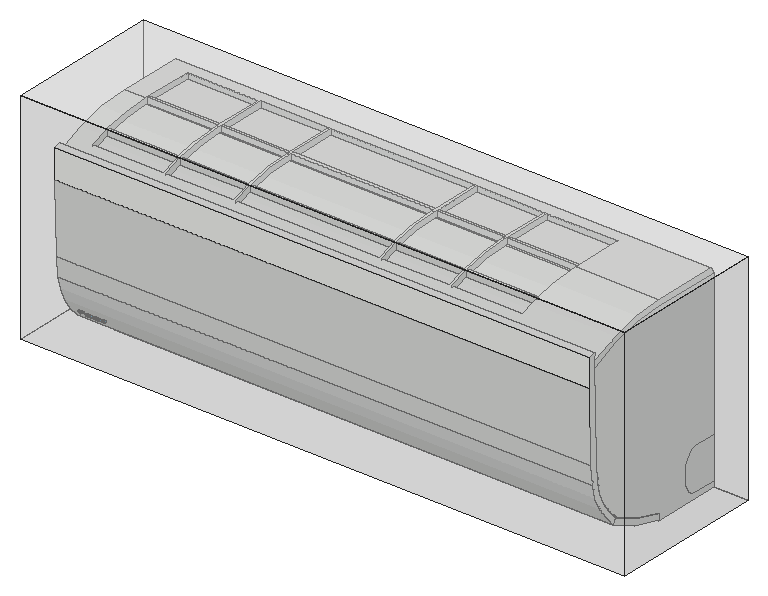
Revit family "outputfile", category 機械設備, Revit 2024
Family settings
  丸型コネクタ寸法 = 半径を使用
  パーツ タイプ = 標準
  OmniClass 番号 = 23.75.10.24.21.27.27
  OmniClass タイトル = Split System Air Conditioning Units
  作業面ベース = いいえ
  常に垂直 = はい
  ロード時にボイドで切り取り = いいえ
  注釈の向きを維持 = いいえ
  共有 = いいえ
  部屋計算ポイント = いいえ
Parameters (values of type "FTXF25W2VMA")
  Description = ""
  書き出し IFC クラス(タイプ) = "IfcUnitaryEquipmentType"
  定義済み IFC タイプ(タイプ) = "AIRCONDITIONINGUNIT"
  Cost = 0
  Type Comments = ""
  Keynote = ""
  Type Image = (empty or 0)
  Assembly Code = ""
  w_wall hole = if(Width = 770.0 mm, 48.0 mm, 60.0 mm)  # 48.0 mm
  製造元 = "Daikin"
  モデル = "FTXF25W2VMA"
  switch_frequency = yes
  r_Liquid Pipe Size = Liquid Pipe Size / 2  # 3.2 mm
  r_Gas Pipe Size = Gas Pipe Size / 2  # 4.75 mm
  r_Drain Pipe Size = Drain Pipe Size / 2  # 8.0 mm
  lw_powersupply [instance] = if(Width = 770.0 mm, if(or(Rear Right Connection_refrigerant, Bottom Right Connection_refrigerant), 25.0 mm, if(or(Rear Left Connection_refrigerant, Bottom Left Connection_refrigerant), 745.0 mm, 400.0 mm)), if(Width = 990.0 mm, if(or(Rear Right Connection_refrigerant, Bottom Right Connection_refrigerant), 40.0 mm, if(or(Rear Left Connection_refrigerant, Bottom Left Connection_refrigerant), 920.0 mm, 400.0 mm)), if(or(Rear Right Connection_refrigerant, Bottom Right Connection_refrigerant), 40.0 mm, if(or(Rear Left Connection_refrigerant, Bottom Left Connection_refrigerant), 920.0 mm, 400.0 mm))))  # 400.0 mm
  lw_liquidpipe [instance] = if(Width = 770.0 mm, if(or(Rear Right Connection_refrigerant, Bottom Right Connection_refrigerant), 0.0 mm, if(or(Rear Left Connection_refrigerant, Bottom Left Connection_refrigerant), 664.0 mm, 385.0 mm)), if(Width = 990.0 mm, if(or(Rear Right Connection_refrigerant, Bottom Right Connection_refrigerant), 0.0 mm, if(or(Rear Left Connection_refrigerant, Bottom Left Connection_refrigerant), 664.0 mm + (990.0 mm - 770.0 mm), 475.0 mm)), if(or(Rear Right Connection_refrigerant, Bottom Right Connection_refrigerant), 0.0 mm, if(or(Rear Left Connection_refrigerant, Bottom Left Connection_refrigerant), 664.0 mm + (990.0 mm - 770.0 mm), 475.0 mm))))  # 385.0 mm
  lw_gaspipe [instance] = if(Width = 770.0 mm, if(or(Rear Right Connection_refrigerant, Bottom Right Connection_refrigerant), 0.0 mm, if(or(Rear Left Connection_refrigerant, Bottom Left Connection_refrigerant), 675.0 mm, if(Gas Pipe Size = 12.7 mm, 335.0 mm, 335.0 mm))), if(Width = 990.0 mm, if(or(Rear Right Connection_refrigerant, Bottom Right Connection_refrigerant), 10.0 mm, if(or(Rear Left Connection_refrigerant, Bottom Left Connection_refrigerant), 890.0 mm, if(Gas Pipe Size = 15.9 mm, 400.0 mm, 400.0 mm))), if(or(Rear Right Connection_refrigerant, Bottom Right Connection_refrigerant), 10.0 mm, if(or(Rear Left Connection_refrigerant, Bottom Left Connection_refrigerant), 890.0 mm, if(Gas Pipe Size = 15.9 mm, 400.0 mm, 400.0 mm)))))  # 335.0 mm
  lw_drainpipe [instance] = if(Width = 770.0 mm, if(or(Rear Right Connection_refrigerant, Bottom Right Connection_refrigerant), 0.0 mm, if(or(Rear Left Connection_refrigerant, Bottom Left Connection_refrigerant), 770.0 mm - 48.0 mm - 48.0 mm, 440.0 mm)), if(Width = 990.0 mm, if(or(Rear Right Connection_refrigerant, Bottom Right Connection_refrigerant), 0.0 mm, if(or(Rear Left Connection_refrigerant, Bottom Left Connection_refrigerant), 675.0 mm + (990.0 mm - 770.0 mm), 435.0 mm)), if(or(Rear Right Connection_refrigerant, Bottom Right Connection_refrigerant), 0.0 mm, if(or(Rear Left Connection_refrigerant, Bottom Left Connection_refrigerant), 675.0 mm + (990.0 mm - 770.0 mm), 435.0 mm))))  # 440.0 mm
  l_powersupply_length [instance] = if(Width = 770.0 mm, if(Right Connection_refrigerant, 400.0 mm, if(Left Connection_refrigerant, 770.0 mm - 400.0 mm, if(or(Rear Left Connection_refrigerant, Rear Right Connection_refrigerant), 15.0 mm, 50.0 mm))), if(Width = 990.0 mm, if(Right Connection_refrigerant, 400.0 mm, if(Left Connection_refrigerant, 990.0 mm - 400.0 mm, if(or(Rear Left Connection_refrigerant, Rear Right Connection_refrigerant), 15.0 mm, 50.0 mm))), if(Right Connection_refrigerant, 400.0 mm, if(Left Connection_refrigerant, 990.0 mm - 400.0 mm, if(or(Rear Left Connection_refrigerant, Rear Right Connection_refrigerant), 15.0 mm, 50.0 mm)))))  # 400.0 mm
  l_liquidpipe_length [instance] = if(Width = 770.0 mm, if(Right Connection_refrigerant, 433.0 mm, if(Left Connection_refrigerant, 337.0 mm, if(or(Rear Left Connection_refrigerant, Rear Right Connection_refrigerant), 30.0 mm, 40.0 mm))), if(Width = 990.0 mm, if(Right Connection_refrigerant, 535.0 mm, if(Left Connection_refrigerant, 455.0 mm, if(or(Rear Left Connection_refrigerant, Rear Right Connection_refrigerant), 30.0 mm, 40.0 mm))), if(Right Connection_refrigerant, 535.0 mm, if(Left Connection_refrigerant, 455.0 mm, if(or(Rear Left Connection_refrigerant, Rear Right Connection_refrigerant), 30.0 mm, 40.0 mm)))))  # 433.0 mm
  l_gaspipe_length [instance] = if(Width = 770.0 mm, if(Right Connection_refrigerant, if(Gas Pipe Size = 12.7 mm, 383.0 mm, 383.0 mm), if(Left Connection_refrigerant, if(Gas Pipe Size = 12.7 mm, 770.0 mm - 383.0 mm, 770.0 mm - 383.0 mm), if(or(Rear Left Connection_refrigerant, Rear Right Connection_refrigerant), 40.0 mm, 50.0 mm))), if(Width = 990.0 mm, if(Right Connection_refrigerant, if(Gas Pipe Size = 15.9 mm, 460.0 mm, 460.0 mm), if(Left Connection_refrigerant, if(Gas Pipe Size = 15.9 mm, 990.0 mm - 460.0 mm, 990.0 mm - 460.0 mm), if(or(Rear Left Connection_refrigerant, Rear Right Connection_refrigerant), 40.0 mm, 50.0 mm))), if(Right Connection_refrigerant, if(Gas Pipe Size = 15.9 mm, 460.0 mm, 460.0 mm), if(Left Connection_refrigerant, if(Gas Pipe Size = 15.9 mm, 990.0 mm - 460.0 mm, 990.0 mm - 460.0 mm), if(or(Rear Left Connection_refrigerant, Rear Right Connection_refrigerant), 40.0 mm, 50.0 mm)))))  # 383.0 mm
  l_drainpipe_length [instance] = if(Width = 770.0 mm, if(Right Connection_refrigerant, 488.0 mm, if(Left Connection_refrigerant, 282.0 mm, if(or(Rear Left Connection_refrigerant, Rear Right Connection_refrigerant), 15.0 mm, 20.0 mm))), if(Width = 990.0 mm, if(Right Connection_refrigerant, 495.0 mm, if(Left Connection_refrigerant, 495.0 mm, if(or(Rear Left Connection_refrigerant, Rear Right Connection_refrigerant), 15.0 mm, 20.0 mm))), if(Right Connection_refrigerant, 495.0 mm, if(Left Connection_refrigerant, 495.0 mm, if(or(Rear Left Connection_refrigerant, Rear Right Connection_refrigerant), 15.0 mm, 20.0 mm)))))  # 488.0 mm
  h*** = 0.0 mm  # constant formula
  connector_voltage = Voltage_50Hz  # 230 V
  connector_powerinput = if([Power Input (Cooling)] > [Power Input (Heating)], [Power Input (Cooling)], [Power Input (Heating)])  # 0.000 kW
  connector_phase = Phase_50Hz  # 1
  angle_vertical [instance] = if(or(Bottom Left Connection_refrigerant, Bottom Right Connection_refrigerant), 0.00°, 90.00°)  # 90.00°
  angle_horizontal [instance] = if(Right Connection_refrigerant, 90.00°, if(Left Connection_refrigerant, -90.00°, if(or(Rear Left Connection_refrigerant, Rear Right Connection_refrigerant), 180.00°, 0.00°)))  # 90.00°
  Width = 770.0 mm
  Voltage_comment_50Hz = "220 - 240"
  Voltage_50Hz = 230 V
  Version = "ver.1.0"
  Unit Type = "Wall Mounted"
  Unit Mass Weight = 9.00 kg
  Unit Designation [instance] = ""
  Uniclass2015Version = "Products v1.30"
  Uniclass2015Title = "Split coil room air conditioning units"
  Uniclass2015Code = "Pr_70_65_03_86"
  URL = ""
  Total Heating Capacity [instance] = 0.000 kW
  Total Cooling Capacity [instance] = 0.000 kW
  Sound Pressure Level_M speed (dBA) = 33
  Sound Pressure Level_L speed (dBA) = 27
  Sound Pressure Level_H speed (dBA) = 40
  Sound Power Level_H speed (dB) = 0
  Series = "Single Split_Fan Coil Unit"
  Sensible Cooling Capacity [instance] = 0.000 kW
  Refrigerant Type = "R32"
  Power Input (Heating) = 0.000 kW
  Power Input (Cooling) = 0.000 kW
  Phase_50Hz = 1
  Option Accessory 3 [instance] = ""
  Option Accessory 2 [instance] = ""
  Option Accessory 1 [instance] = ""
  Nominal Heating Capacity = 3.000 kW
  Nominal Cooling Capacity = 2.500 kW
  Minimum Circuit Amps_50Hz = 0.0 A
  Minimum Airflow = 306.00 m³/h
  Median Airflow = 390.00 m³/h
  Maximum Fuse Amps_50Hz = 0.0 A
  Maximum Airflow = 576.00 m³/h
  Material_Casing = DAIKIN_PureWhite_Casing_indoorunit
  Load Classification = HVAC
  Liquid Pipe Size = 6.4 mm
  Link_Nested Family [instance] = ""
  IfcVersion = ""
  IfcExportType = "AIRCONDITIONINGUNIT"
  IfcExportAs = "IfcUnitaryEquipmentType"
  Height = 285.0 mm
  Heating Entering Wet Bulb Temperature [instance] = 0.00 °C
  Heating Entering Dry Bulb Temperature [instance] = 0.00 °C
  Heating Ambient Wet Bulb Temperature [instance] = 0.00 °C
  Heating Ambient Dry Bulb Temperature [instance] = 0.00 °C
  Heat Exchanger Type = "Cross Fin Coil"
  Gas Pipe Size = 9.5 mm
  Frequency_50Hz = 50 Hz
  Fan Type = "Cross Flow Fan"
  Fan Drive = "Direct Drive"
  FCU Tag No. [instance] = ""
  Drain Pipe Size = 16.0 mm
  Design Supply Airflow [instance] = 0.00 m³/h
  Depth = 223.0 mm
  既定の高さ = 0.0 mm
  Cooling Entering Wet Bulb Temperature [instance] = 0.00 °C
  Cooling Entering Dry Bulb Temperature [instance] = 0.00 °C
  Cooling Ambient Wet Bulb Temperature [instance] = 0.00 °C
  Cooling Ambient Dry Bulb Temperature [instance] = 0.00 °C
  Clearance visibility [instance] = yes
  Clearance Top = 30.0 mm
  Clearance Right = 50.0 mm
  Clearance Rear = 0.0 mm
  Clearance Left = 50.0 mm
  Clearance Front = 0.0 mm
  Clearance Bottom = 0.0 mm
  Bottom Right Connection_refrigerant [instance] = no
  Bottom Left Connection_refrigerant [instance] = no
  Rear Right Connection_refrigerant [instance] = no
  Rear Left Connection_refrigerant [instance] = no
  Right Connection_refrigerant [instance] = yes
  Left Connection_refrigerant [instance] = no
Reference planes
  plane 1 "Back": y = 0
  plane 2: z = 0
  plane 3 "Center (Left/Right)": x = 0
  plane 4 "Center (Front/Back)": y = -111.5
  plane 5 "Front": y = -223
  plane 6 "Left": x = -385
  plane 7 "Right": x = 385
  plane 8 "Top": z = 0
  plane 9 "Bottom": z = -285
  plane 10: x = -435
  plane 11: x = 435
  plane 12: y = 0
  plane 13: y = -223
  plane 14: z = 30
  plane 15: z = -285
  plane 16 "lw_Piping and Wiring intake": x = 337
  plane 17 "lw_gaspipe": x = 2
  plane 18 "lw_liquidpipe": x = -48
  plane 19 "lw_drainpipe": x = -103
  plane 20 "lh_drainpipe": z = -265
  plane 21 "lh_liquidpipe": z = -245
  plane 22 "lh_gaspipe": z = -235
  plane 23 "ld_drainpipe": y = -15
  plane 24 "ld_liquidpipe": y = -30
  plane 25 "ld_gaspipe": y = -40
  plane 26 "lw_powersupply": x = -15
Dimensions and locks
  equal spacing: plane 6 "Left", plane 3 "Center (Left/Right)", plane 7 "Right"
  "Width": plane 6 "Left" to plane 7 "Right"
  equal spacing: plane 5 "Front", plane 4 "Center (Front/Back)", plane 1 "Back"
  "Depth": plane 5 "Front" to plane 1 "Back"
  "Height": plane 8 "Top" to plane 9 "Bottom"
  "Clearance Rear": plane 12 to plane 1 "Back"
  "Clearance Front": plane 13 to plane 5 "Front"
  "Clearance Top": plane 14 to plane 8 "Top"
  "Clearance Bottom": plane 9 "Bottom" to plane 15
  "w_wall hole": plane 16 "lw_Piping and Wiring intake" to plane 7 "Right"
  "lw_gaspipe": plane 17 "lw_gaspipe" to plane 16 "lw_Piping and Wiring intake"
  "lw_liquidpipe": plane 18 "lw_liquidpipe" to plane 16 "lw_Piping and Wiring intake"
  "lw_drainpipe": plane 19 "lw_drainpipe" to plane 16 "lw_Piping and Wiring intake"
  locked: plane 20 "lh_drainpipe" to plane 9 "Bottom" at 20
  locked: plane 21 "lh_liquidpipe" to plane 9 "Bottom" at 40
  locked: plane 22 "lh_gaspipe" to plane 9 "Bottom" at 50
  locked: plane 23 "ld_drainpipe" to plane 1 "Back" at 15
  locked: plane 1 "Back" to plane 24 "ld_liquidpipe" at 30
  locked: plane 1 "Back" to plane 25 "ld_gaspipe" at 40
  "lw_powersupply": plane 26 "lw_powersupply" to plane 7 "Right"
  "Clearance Left": plane 10 to plane 6 "Left"
  "Clearance Right": plane 7 "Right" to plane 11
  aligned and locked: level to plane 2
  aligned and locked: plane 12 to nested 1
  aligned and locked: nested 1 to plane 13
  aligned and locked: plane 10 to nested 1
  aligned and locked: plane 11 to nested 1
  aligned and locked: plane 15 to nested 1
  aligned and locked: plane 14 to nested 1
  aligned and locked: plane 17 "lw_gaspipe" to nested 2
  aligned and locked: nested 2 to plane 25 "ld_gaspipe"
  aligned and locked: plane 18 "lw_liquidpipe" to nested 3
  aligned and locked: nested 3 to plane 24 "ld_liquidpipe"
  aligned and locked: plane 19 "lw_drainpipe" to nested 4
  aligned and locked: nested 4 to plane 23 "ld_drainpipe"
  aligned and locked: nested 5 to plane 23 "ld_drainpipe"
  aligned and locked: plane 26 "lw_powersupply" to nested 5
  aligned and locked: level to plane 8 "Top"
  aligned and locked: plane 3 "Center (Left/Right)" to nested 6
  aligned and locked: plane 1 "Back" to nested 6
  aligned and locked: plane 8 "Top" to nested 6
Nested families
  nested 1: "daikin_clearancespace" at (0, -111.5, -127.381), show <- "Clearance visibility", visible <- "Clearance visibility", Link_Nested Family <- "Link_Nested Family", type "daikin_clearancespace"
    with width 870.0 mm, show yes, height 315.0 mm, depth 223.0 mm, Link_Nested Family ""
  nested 2: "daikin_connector_rotate3" at (2, -40, -235), angle_vertical <- "angle_vertical", angle_horizontal <- "angle_horizontal", length <- "l_gaspipe_length", radius <- "r_Gas Pipe Size", type "daikin_connector_rotate3"
    with show no, radius 4.75 mm, length 383.0 mm, angle_vertical 90.00°, angle_horizontal 90.00°
  nested 3: "daikin_connector_rotate3" at (-48, -30, -245), angle_vertical <- "angle_vertical", angle_horizontal <- "angle_horizontal", radius <- "r_Liquid Pipe Size", length <- "l_liquidpipe_length", type "daikin_connector_rotate3"
    with show no, radius 3.2 mm, length 433.0 mm, angle_vertical 90.00°, angle_horizontal 90.00°
  nested 4: "daikin_connector_rotate3" at (-103, -15, -265), angle_vertical <- "angle_vertical", angle_horizontal <- "angle_horizontal", length <- "l_drainpipe_length", radius <- "r_Drain Pipe Size", type "daikin_connector_rotate3"
    with show no, radius 8.0 mm, length 488.0 mm, angle_vertical 90.00°, angle_horizontal 90.00°
  nested 5: "daikin_connector_rotate3" at (-15, -15, -235), angle_vertical <- "angle_vertical", angle_horizontal <- "angle_horizontal", length <- "l_powersupply_length", type "daikin_connector_rotate3"
    with show no, radius 10.0 mm, length 400.0 mm, angle_vertical 90.00°, angle_horizontal 90.00°
  nested 6: "DAIKIN_indoorunit_FTXF-W2VMA" at (-31, 0, 0), type "FTXF-W2VMA"
Connectors
  piping at (385, -40, -235), diameter 9.5, driven by "r_Gas Pipe Size"
    settings: on nested 2, index 1, connector inside diameter 609.6 mm, connector length 0.0 mm, flow factor 0, pipe flow 0.00 m³/h, pressure drop 0.0 Pa, fitting loss kfactor 0, connector angle 0.00°, fixture units 0, engagement length 0.0 mm, angle of deflection 0.00°, flow configuration 1, flow direction 2, fitting loss method 0, system type 29, joint type 0, gender type 0, connector reference index -1, connector utility 0, adjustable connector no, is connector primary yes, connector description "Refrigerant Gas Piping"
  piping at (385, -30, -245), diameter 6.4, driven by "r_Liquid Pipe Size"
    settings: on nested 3, index 2, connector inside diameter 609.6 mm, connector length 0.0 mm, flow factor 0, pipe flow 0.00 m³/h, pressure drop 0.0 Pa, fitting loss kfactor 0, connector angle 0.00°, fixture units 0, engagement length 0.0 mm, angle of deflection 0.00°, flow configuration 1, flow direction 1, fitting loss method 0, system type 29, joint type 0, gender type 0, connector reference index -1, connector utility 0, adjustable connector no, is connector primary no, connector description "Refrigerant Liquid Piping"
  piping at (385, -15, -265), diameter 16, driven by "r_Drain Pipe Size"
    settings: on nested 4, index 3, connector inside diameter 609.6 mm, connector length 0.0 mm, flow factor 0, pipe flow 0.00 m³/h, pressure drop 0.0 Pa, fitting loss kfactor 0, connector angle 0.00°, fixture units 0, engagement length 0.0 mm, angle of deflection 0.00°, flow configuration 1, flow direction 2, fitting loss method 4, system type 16, joint type 0, gender type 0, connector reference index -1, connector utility 0, adjustable connector no, is connector primary no, connector description "Condensate Drain Piping"
  electrical at (385, -15, -235), driven by "Load Classification", driven by "connector_powerinput", driven by "connector_voltage", driven by "connector_phase"
    settings: on nested 5, index 4, voltage 230 V, apparent load 0 VA, apparent load phase1 0 VA, apparent load phase2 0 VA, apparent load phase3 0 VA, power factor 1, load classification "HVAC", number of poles 1, system type 30, power factor state 1, is connector primary yes, connector utility no, sub classification motor no, connector description "Power Supply"
Definition of nested family "daikin_clearancespace"
  Parameters (values of type "daikin_clearancespace")
    Description = "daikin_clearancespace"
    width [instance] = 1823.963 mm
    show [instance] = yes
    material = none
    height [instance] = 1359.762 mm
    depth [instance] = 880.0 mm
    Default Elevation = 0.0 mm
    Link_Nested Family [instance] = ""
  Reference planes
    plane 1 "Center (Front/Back)": y = 0
    plane 2 "Center (Elevation)": z = -0.119
    plane 3 "Center (Left/Right)": x = 0
    plane 4: y = 440
    plane 5: y = -440
    plane 6 "Right": x = 911.982
    plane 7 "Left": x = -911.982
    plane 8 "Top": z = 679.762
    plane 9 "Bottom": z = -680
  Forms (mm)
    Extrusion 1, solid, material <- "material", visible <- "show"
      sketch origin (0, 0, 0) x (1, 0, 0) y (0, 1, 0)
        loop
          line (-911.982, 440) -> (-911.982, -440) -> (911.982, -440) -> (911.982, 440) -> (-911.982, 440)
      from -680 to 679.762
  Lines and regions (mm)
    symbolic lines, visible <- "show"
      curve 1: line (911.982, 440, 0) -> (-911.982, 440, 0)
      curve 2: line (-911.982, 440, 0) -> (-911.982, -440, 0)
      curve 3: line (-911.982, -440, 0) -> (911.982, -440, 0)
      curve 4: line (911.982, -440, 0) -> (911.982, 440, 0)
      curve 5: line (911.982, 0, 679.762) -> (-911.982, 0, 679.762)
      curve 6: line (911.982, 0, -680) -> (911.982, 0, 679.762)
      curve 7: line (-911.982, 0, -680) -> (911.982, 0, -680)
      curve 8: line (-911.982, 0, 679.762) -> (-911.982, 0, -680)
      curve 9: line (0, 440, 679.762) -> (0, -440, 679.762)
      curve 10: line (0, -440, 679.762) -> (0, -440, -680)
      curve 11: line (0, 440, -680) -> (0, 440, 679.762)
      curve 12: line (0, -440, -680) -> (0, 440, -680)
  Dimensions and locks
    "width": plane 7 "Left" to plane 6 "Right"
    "depth": plane 4 to plane 5
    "height": plane 8 "Top" to plane 9 "Bottom"
    equal spacing: plane 7 "Left", plane 3 "Center (Left/Right)", plane 6 "Right"
    equal spacing: plane 4, plane 1 "Center (Front/Back)", plane 5
    equal spacing: plane 8 "Top", plane 2 "Center (Elevation)", plane 9 "Bottom"
    aligned and locked: level to plane 2 "Center (Elevation)"
    aligned and locked: Extrusion 1 sketch curve to plane 4
    aligned and locked: plane 7 "Left" to Extrusion 1 sketch curve
    aligned and locked: Extrusion 1 sketch curve to plane 5
    aligned and locked: Extrusion 1 sketch curve to plane 6 "Right"
    aligned and locked: plane 8 "Top" to Extrusion 1
    aligned and locked: curve 1 to Extrusion 1
    aligned and locked: curve 2 to Extrusion 1
    aligned and locked: curve 3 to Extrusion 1
    aligned and locked: curve 4 to Extrusion 1
    aligned and locked: curve 5 to Extrusion 1
    aligned and locked: curve 6 to Extrusion 1
    aligned and locked: curve 7 to Extrusion 1
    aligned and locked: curve 8 to Extrusion 1
    aligned and locked: curve 9 to Extrusion 1
    aligned and locked: curve 10 to Extrusion 1
    aligned and locked: curve 11 to Extrusion 1
    aligned and locked: curve 12 to Extrusion 1
    aligned and locked: Extrusion 1 to plane 9 "Bottom"
Definition of nested family "DAIKIN_indoorunit_FTXF-W2VMA"
  Parameters (values of type "FTKF-TVMA")
    switch_unit1_60-71 = Width = 990.0 mm  # no
    switch_unit1_20-50 = Width = 770.0 mm  # yes
    Width = 770.0 mm
    WALL HOLE-R = if(Width = 770.0 mm, 48.0 mm, 60.0 mm)  # 48.0 mm
    WALL HOLE Size = if(Width = 770.0 mm, 65.0 mm, 80.0 mm)  # 65.0 mm
    Material_Casing = none
    Height = if(Width = 770.0 mm, 285.0 mm, 295.0 mm)  # 285.0 mm
    Default Elevation = 0.0 mm
  Reference planes
    plane 1 "Center (Front/Back)": y = 0
    plane 2 "reference_level": z = 0
    plane 3 "Center (Left/Right)": x = 31
    plane 4: x = -354
    plane 5: x = 416
    plane 6: z = -285
  Forms (mm)
    Extrusion 1, solid, material <- "Material_Casing", visible <- "switch_unit1_20-50"
      sketch origin (29, 0, 0) x (0, 1, 0) y (0, 0, 1)
        loop
          line (-5, 0) -> (-98, 0)
          arc (-98, 0) -> (-157.611, -7.211) -> (-213.783, -28.427) r 250
          arc (-213.783, -28.427) -> (-213.842, -32.972) -> (-213.892, -37.516) r 2191
          arc (-213.892, -37.516) -> (-157.832, -15.495) -> (-98.07, -8) r 242
          line (-98.07, -8) -> (0, -8) -> (-5, 0)
      from -383 to 387
    Extrusion 2, solid, material <- "Material_Casing", visible <- "switch_unit1_20-50"
      sketch origin (416, 1296.25, 1200) x (0, 1, 0) y (0, 0, 1)
        loop
          line (-1472.998, -1446.91) -> (-1476.998, -1453.839)
          arc (-1476.998, -1453.839) -> (-1437.481, -1472.422) -> (-1395.25, -1483.538) r 240
          line (-1395.25, -1483.538) -> (-1395.25, -1475.422)
          arc (-1395.25, -1475.422) -> (-1435.407, -1464.663) -> (-1472.998, -1446.91) r 232
      from 0 to -47.5
    Extrusion 3, solid, material <- "Material_Casing", visible <- "switch_unit1_20-50"
      sketch origin (29, 0, 0) x (0, 1, 0) y (0, 0, 1)
        loop
          arc (-223, -60.455) -> (-222.414, -110.646) -> (-220.656, -160.81) r 2149.92
          arc (-220.656, -160.81) -> (-219.65, -174.299) -> (-217.853, -187.706) r 229.911
          arc (-217.853, -187.706) -> (-205.371, -223.594) -> (-181.517, -253.17) r 111
          line (-181.517, -253.17) -> (-177.429, -246.093)
          arc (-177.429, -246.093) -> (-198.77, -218.989) -> (-209.965, -186.36) r 103
          arc (-209.965, -186.36) -> (-211.681, -173.586) -> (-212.651, -160.735) r 221.844
          arc (-212.651, -160.735) -> (-214.739, -93.233) -> (-214.74, -25.699) r 2186.828
          arc (-214.74, -25.699) -> (-214.671, -21.467) -> (-214.594, -17.235) r 2192
          line (-214.594, -17.235) -> (-223, -19.961) -> (-223, -60.455)
      from -383 to 387
    Extrusion 4, solid, material <- "Material_Casing", visible <- "switch_unit1_20-50"
      sketch origin (29, 0, -20) x (0, 1, 0) y (0, 0, 1)
        loop
          line (0, -265) -> (0, 12) -> (-98.07, 12)
          arc (-98.07, 12) -> (-157.832, 4.505) -> (-213.892, -17.516) r 242
          arc (-213.892, -17.516) -> (-213.638, -79.114) -> (-211.653, -140.681) r 2191
          arc (-211.653, -140.681) -> (-210.685, -153.501) -> (-208.973, -166.243) r 221
          arc (-208.973, -166.243) -> (-197.471, -199.282) -> (-175.482, -226.491) r 102
          arc (-175.482, -226.491) -> (-138.004, -244.019) -> (-98, -254.579) r 231
          line (-98, -254.579) -> (-98, -265) -> (0, -265)
      from -383 to 387
    Extrusion 5, solid, material <- "Material_Casing", visible <- "switch_unit1_20-50"
      sketch origin (-354, 1296.25, 1200) x (0, 1, 0) y (0, 0, 1)
        loop
          line (-1472.998, -1446.91) -> (-1476.998, -1453.839)
          arc (-1476.998, -1453.839) -> (-1437.481, -1472.422) -> (-1395.25, -1483.538) r 240
          line (-1395.25, -1483.538) -> (-1395.25, -1475.422)
          arc (-1395.25, -1475.422) -> (-1435.407, -1464.663) -> (-1472.998, -1446.91) r 232
      from 47 to 0
    Extrusion 6, solid, material <- "Material_Casing", visible <- "switch_unit1_20-50"
      sketch origin (416, 1296.25, 1200) x (0, 1, 0) y (0, 0, 1)
        loop
          line (-1472.998, -1446.91) -> (-1476.998, -1453.839)
          arc (-1476.998, -1453.839) -> (-1443.437, -1470.168) -> (-1407.75, -1481.097) r 240
          line (-1407.75, -1481.097) -> (-1407.75, -1472.894)
          arc (-1407.75, -1472.894) -> (-1441.363, -1462.385) -> (-1472.998, -1446.91) r 232
      from -116.993 to -48.493
    Extrusion 7, solid, material <- "Material_Casing", visible <- "switch_unit1_20-50"
      sketch origin (416, 1296.25, 1200) x (0, 1, 0) y (0, 0, 1)
        loop
          line (-1472.998, -1446.91) -> (-1476.998, -1453.839)
          arc (-1476.998, -1453.839) -> (-1443.437, -1470.168) -> (-1407.75, -1481.097) r 240
          line (-1407.75, -1481.097) -> (-1407.75, -1472.894)
          arc (-1407.75, -1472.894) -> (-1441.363, -1462.385) -> (-1472.998, -1446.91) r 232
      from -717 to -121.993
    Extrusion 8, void
      sketch origin (31, 0, -235) x (1, 0, 0) y (0, 1, 0)
        loop
          line (-252.674, -22.316) -> (-354.941, -22.316) -> (-354.941, -91.341) -> (-252.674, -91.341) -> (-252.674, -22.316)
        loop
          line (-249.341, -91.341) -> (-151.574, -91.341) -> (-151.574, -22.316) -> (-249.341, -22.316) -> (-249.341, -91.341)
        loop
          line (58.309, -22.316) -> (-148.309, -22.316) -> (-148.309, -91.341) -> (58.309, -91.341) -> (58.309, -22.316)
        loop
          line (61.689, -22.316) -> (61.689, -91.341) -> (159.457, -91.341) -> (159.457, -22.316) -> (61.689, -22.316)
        loop
          line (162.789, -22.316) -> (162.789, -91.341) -> (265.057, -91.341) -> (265.057, -22.316) -> (162.789, -22.316)
        loop
          line (-354.941, -94.659) -> (-354.941, -165.259) -> (-252.674, -165.259) -> (-252.674, -94.659) -> (-354.941, -94.659)
        loop
          line (-249.341, -94.659) -> (-249.341, -165.259) -> (-151.574, -165.259) -> (-151.574, -94.659) -> (-249.341, -94.659)
        loop
          line (-148.309, -94.659) -> (-148.309, -165.259) -> (58.309, -165.259) -> (58.309, -94.659) -> (-148.309, -94.659)
        loop
          line (61.689, -94.659) -> (61.689, -165.259) -> (159.457, -165.259) -> (159.457, -94.659) -> (61.689, -94.659)
        loop
          line (162.789, -94.659) -> (162.789, -165.259) -> (265.057, -165.259) -> (265.057, -94.659) -> (162.789, -94.659)
        loop
          line (-354.941, -167.382) -> (-354.941, -192.681) -> (-252.674, -192.681) -> (-252.674, -167.382) -> (-354.941, -167.382)
        loop
          line (-249.341, -167.382) -> (-249.341, -192.681) -> (-151.574, -192.681) -> (-151.574, -167.382) -> (-249.341, -167.382)
        loop
          line (-148.309, -167.382) -> (-148.309, -192.681) -> (58.309, -192.681) -> (58.309, -167.382) -> (-148.309, -167.382)
        loop
          line (159.457, -167.382) -> (61.689, -167.382) -> (61.689, -192.681) -> (159.457, -192.681) -> (159.457, -167.382)
        loop
          line (265.057, -167.382) -> (162.789, -167.382) -> (162.789, -192.681) -> (265.057, -192.681) -> (265.057, -167.382)
      from 201.638 to 250
    Extrusion 9, solid, material <- "Material_Casing"
      sketch origin (31, 0, 0) x (1, 0, 0) y (0, 0, 1)
        loop
          circle (337, -240.5) r 32.5
        loop
          circle (-337, -240.5) r 32.5
      from 0 to 5
    Extrusion 10, solid, material <- "Material_Casing", visible <- "switch_unit1_20-50"
      sketch origin (416, 1296.25, 1200) x (0, -1, 0) y (0, 0, 1)
        loop
          line (1326.25, -1417) -> (1296.25, -1417) -> (1296.25, -1477) -> (1326.25, -1477)
          arc (1326.25, -1477) -> (1340.393, -1471.142) -> (1346.25, -1457) r 20
          line (1346.25, -1457) -> (1346.25, -1437)
          arc (1346.25, -1437) -> (1340.393, -1422.858) -> (1326.25, -1417) r 20
      from 0 to 5
    Extrusion 11, solid, material <- "Material_Casing", visible <- "switch_unit1_20-50"
      sketch origin (-354, 1296.25, 1200) x (0, 1, 0) y (0, 0, 1)
        loop
          line (-1296.25, -1417) -> (-1326.25, -1417)
          arc (-1326.25, -1417) -> (-1340.393, -1422.858) -> (-1346.25, -1437) r 20
          line (-1346.25, -1437) -> (-1346.25, -1457)
          arc (-1346.25, -1457) -> (-1340.393, -1471.142) -> (-1326.25, -1477) r 20
          line (-1326.25, -1477) -> (-1296.25, -1477) -> (-1296.25, -1417)
      from 0 to 5
    Extrusion 12, solid, material <- "Material_Casing", visible <- "switch_unit1_20-50"
      sketch origin (31, 0, -285) x (-1, 0, 0) y (0, -1, 0)
        loop
          line (-314, 0) -> (-314, 30)
          arc (-314, 30) -> (-319.858, 44.142) -> (-334, 50) r 20
          line (-334, 50) -> (-354, 50)
          arc (-354, 50) -> (-368.142, 44.142) -> (-374, 30) r 20
          line (-374, 30) -> (-374, 0) -> (-314, 0)
        loop
          line (374, 0) -> (374, 30)
          arc (374, 30) -> (368.142, 44.142) -> (354, 50) r 20
          line (354, 50) -> (334, 50)
          arc (334, 50) -> (319.858, 44.142) -> (314, 30) r 20
          line (314, 30) -> (314, 0) -> (374, 0)
      from 0 to 5
    Extrusion 13, solid, material <- "Material_Casing", visible <- "switch_unit1_60-71"
      sketch origin (31, 0, 0) x (0, 1, 0) y (0, 0, 1)
        loop
          line (-5, 0) -> (-138, 0)
          arc (-138, 0) -> (-197.611, -7.211) -> (-253.783, -28.427) r 250
          arc (-253.783, -28.427) -> (-253.838, -32.687) -> (-253.886, -36.946) r 2191
          arc (-253.886, -36.946) -> (-197.73, -15.346) -> (-138.014, -8) r 246.393
          line (-138.014, -8) -> (0, -8) -> (-5, 0)
      from -495 to 495
    Extrusion 14, solid, material <- "Material_Casing", visible <- "switch_unit1_60-71"
      sketch origin (418, 1296.25, 1200) x (0, 1, 0) y (0, 0, 1)
        loop
          arc (-1515.208, -1454.149) -> (-1506.856, -1460.599) -> (-1497.925, -1466.219) r 110
          arc (-1497.925, -1466.219) -> (-1445.718, -1487.493) -> (-1389.844, -1494.995) r 223
          line (-1389.844, -1494.995) -> (-1389.844, -1486.086) -> (-1404.386, -1486.086)
          arc (-1404.386, -1486.086) -> (-1449.542, -1477.46) -> (-1491.818, -1459.402) r 214.289
          arc (-1491.818, -1459.402) -> (-1501.056, -1453.541) -> (-1509.606, -1446.715) r 101
          line (-1509.606, -1446.715) -> (-1515.208, -1454.149)
      from 108 to 57.5
    Extrusion 15, solid, material <- "Material_Casing", visible <- "switch_unit1_60-71"
      sketch origin (31, 0, 0) x (0, 1, 0) y (0, 0, 1)
        loop
          line (-263, -19.962) -> (-263, -61.6)
          arc (-263, -61.6) -> (-262.414, -110.219) -> (-260.656, -158.81) r 2017.341
          arc (-260.656, -158.81) -> (-255.648, -191.935) -> (-244.041, -223.362) r 164.725
          arc (-244.041, -223.362) -> (-233.569, -239.793) -> (-219.717, -253.495) r 87.379
          line (-219.717, -253.495) -> (-214.706, -246.846)
          arc (-214.706, -246.846) -> (-229.564, -230.029) -> (-240.385, -210.371) r 102
          arc (-240.385, -210.371) -> (-249.049, -182.962) -> (-252.848, -154.467) r 165.789
          arc (-252.848, -154.467) -> (-254.771, -90.102) -> (-254.74, -25.708) r 2122.533
          arc (-254.74, -25.708) -> (-254.671, -21.469) -> (-254.594, -17.23) r 2192
          line (-254.594, -17.23) -> (-263, -19.962)
      from -495 to 495
    Extrusion 16, void
      sketch origin (33, 0, 0) x (1, 0, 0) y (0, 1, 0)
        loop
          line (-466.909, -22.316) -> (-466.909, -111.341) -> (-366.303, -111.341) -> (-366.303, -22.316) -> (-466.909, -22.316)
        loop
          line (-362.71, -22.316) -> (-362.71, -111.341) -> (-262.103, -111.341) -> (-262.103, -22.316) -> (-362.71, -22.316)
        loop
          line (-258.51, -22.316) -> (-258.51, -111.341) -> (-157.904, -111.341) -> (-157.904, -22.316) -> (-258.51, -22.316)
        loop
          line (-154.31, -22.316) -> (-154.31, -111.341) -> (-53.704, -111.341) -> (-53.704, -22.316) -> (-154.31, -22.316)
        loop
          line (-50.11, -22.316) -> (-50.11, -111.341) -> (50.496, -111.341) -> (50.496, -22.316) -> (-50.11, -22.316)
        loop
          line (54.089, -22.316) -> (54.089, -111.341) -> (154.696, -111.341) -> (154.696, -22.316) -> (54.089, -22.316)
        loop
          line (158.289, -22.316) -> (158.289, -111.341) -> (258.895, -111.341) -> (258.895, -22.316) -> (158.289, -22.316)
        loop
          line (262.489, -22.316) -> (262.489, -111.341) -> (363.095, -111.341) -> (363.095, -22.316) -> (262.489, -22.316)
        loop
          line (-466.909, -114.459) -> (-466.909, -185.059) -> (-366.303, -185.059) -> (-366.303, -114.459) -> (-466.909, -114.459)
        loop
          line (-362.71, -114.459) -> (-362.71, -185.059) -> (-262.103, -185.059) -> (-262.103, -114.459) -> (-362.71, -114.459)
        loop
          line (-258.51, -114.459) -> (-258.51, -185.059) -> (-157.904, -185.059) -> (-157.904, -114.459) -> (-258.51, -114.459)
        loop
          line (-154.31, -114.459) -> (-154.31, -185.059) -> (-53.704, -185.059) -> (-53.704, -114.459) -> (-154.31, -114.459)
        loop
          line (-50.11, -114.459) -> (-50.11, -185.059) -> (50.496, -185.059) -> (50.496, -114.459) -> (-50.11, -114.459)
        loop
          line (54.089, -114.459) -> (54.089, -185.059) -> (154.696, -185.059) -> (154.696, -114.459) -> (54.089, -114.459)
        loop
          line (158.289, -114.459) -> (158.289, -185.059) -> (258.895, -185.059) -> (258.895, -114.459) -> (158.289, -114.459)
        loop
          line (262.489, -114.459) -> (262.489, -185.059) -> (363.095, -185.059) -> (363.095, -114.459) -> (262.489, -114.459)
        loop
          line (-466.909, -187.382) -> (-466.909, -232.681) -> (-366.303, -232.681) -> (-366.303, -187.382) -> (-466.909, -187.382)
        loop
          line (-362.71, -187.382) -> (-362.71, -232.681) -> (-262.103, -232.681) -> (-262.103, -187.382) -> (-362.71, -187.382)
        loop
          line (-258.51, -187.382) -> (-258.51, -232.681) -> (-157.904, -232.681) -> (-157.904, -187.382) -> (-258.51, -187.382)
        loop
          line (-154.31, -187.382) -> (-154.31, -232.681) -> (-53.704, -232.681) -> (-53.704, -187.382) -> (-154.31, -187.382)
        loop
          line (-50.11, -187.382) -> (-50.11, -232.681) -> (50.496, -232.681) -> (50.496, -187.382) -> (-50.11, -187.382)
        loop
          line (54.089, -187.382) -> (54.089, -232.681) -> (154.696, -232.681) -> (154.696, -187.382) -> (54.089, -187.382)
        loop
          line (158.289, -187.382) -> (158.289, -232.681) -> (258.895, -232.681) -> (258.895, -187.382) -> (158.289, -187.382)
        loop
          line (262.489, -187.382) -> (262.489, -232.681) -> (363.095, -232.681) -> (363.095, -187.382) -> (262.489, -187.382)
      from -40.013 to 47.268
    Extrusion 17, solid, material <- "Material_Casing", visible <- "switch_unit1_60-71"
      sketch origin (-356, 1296.25, 1200) x (0, 1, 0) y (0, 0, -1)
        loop
          line (-1515.208, 1454.149) -> (-1509.606, 1446.715)
          arc (-1509.606, 1446.715) -> (-1501.056, 1453.541) -> (-1491.818, 1459.402) r 101
          arc (-1491.818, 1459.402) -> (-1449.542, 1477.46) -> (-1404.386, 1486.086) r 214.289
          line (-1404.386, 1486.086) -> (-1389.844, 1486.086) -> (-1389.844, 1494.995)
          arc (-1389.844, 1494.995) -> (-1445.718, 1487.493) -> (-1497.925, 1466.219) r 223
          arc (-1497.925, 1466.219) -> (-1506.856, 1460.599) -> (-1515.208, 1454.149) r 110
      from 108 to 61
    Extrusion 18, solid, material <- "Material_Casing", visible <- "switch_unit1_60-71"
      sketch origin (418, 1296.25, 1200) x (0, 1, 0) y (0, 0, 1)
        loop
          arc (-1515.208, -1454.149) -> (-1506.856, -1460.599) -> (-1497.925, -1466.219) r 110
          arc (-1497.925, -1466.219) -> (-1463.185, -1482.066) -> (-1426.25, -1491.755) r 223
          line (-1426.25, -1491.755) -> (-1426.25, -1483.166)
          arc (-1426.25, -1483.166) -> (-1460.008, -1473.969) -> (-1491.818, -1459.402) r 214.289
          arc (-1491.818, -1459.402) -> (-1501.056, -1453.541) -> (-1509.606, -1446.715) r 101
          line (-1509.606, -1446.715) -> (-1515.208, -1454.149)
      from 56.5 to -36.993
    Extrusion 19, solid, material <- "Material_Casing", visible <- "switch_unit1_60-71"
      sketch origin (418, 1296.25, 1200) x (0, 1, 0) y (0, 0, 1)
        loop
          arc (-1426.25, -1483.166) -> (-1443.442, -1479.224) -> (-1460.25, -1473.881) r 214.289
          line (-1460.25, -1473.881) -> (-1460.25, -1483.089)
          arc (-1460.25, -1483.089) -> (-1443.421, -1488.091) -> (-1426.25, -1491.755) r 223
          line (-1426.25, -1491.755) -> (-1426.25, -1483.166)
      from -43.493 to -828.893
    Extrusion 20, solid, material <- "Material_Casing", visible <- "switch_unit1_60-71"
      sketch origin (418, 1296.25, 1200) x (0, 1, 0) y (0, 0, 1)
        loop
          arc (-1515.208, -1454.149) -> (-1506.856, -1460.599) -> (-1497.925, -1466.219) r 110
          arc (-1497.925, -1466.219) -> (-1479.479, -1475.527) -> (-1460.25, -1483.089) r 223
          line (-1460.25, -1483.089) -> (-1460.25, -1473.881)
          arc (-1460.25, -1473.881) -> (-1476.328, -1467.282) -> (-1491.818, -1459.402) r 214.289
          arc (-1491.818, -1459.402) -> (-1501.056, -1453.541) -> (-1509.606, -1446.715) r 101
          line (-1509.606, -1446.715) -> (-1515.208, -1454.149)
      from -43.493 to -828.893
    Extrusion 21, solid, material <- "Material_Casing", visible <- "switch_unit1_60-71"
      sketch origin (31, 0, -30) x (0, 1, 0) y (0, 0, 1)
        loop
          line (0, 22) -> (-138.014, 22)
          arc (-138.014, 22) -> (-197.73, 14.654) -> (-253.886, -6.946) r 246.393
          arc (-253.886, -6.946) -> (-253.682, -65.635) -> (-251.855, -124.295) r 2120.935
          arc (-251.855, -124.295) -> (-248.086, -152.682) -> (-239.461, -179.988) r 164.789
          arc (-239.461, -179.988) -> (-228.903, -199.231) -> (-214.437, -215.738) r 101
          line (-214.437, -215.738) -> (-212.406, -216.221)
          arc (-212.406, -216.221) -> (-204.07, -222.837) -> (-195.079, -228.53) r 100
          arc (-195.079, -228.53) -> (-145.557, -248.629) -> (-92.593, -255.785) r 213.289
          line (-92.593, -255.785) -> (-92.593, -265) -> (0, -265) -> (0, 22)
      from -495 to 495
    Extrusion 22, solid, material <- "Material_Casing", visible <- "switch_unit1_60-71"
      sketch origin (526, 1296.25, 1200) x (0, -1, 0) y (0, 0, 1)
        loop
          line (1326.25, -1427.035) -> (1296.25, -1427.035) -> (1296.25, -1487.035) -> (1326.25, -1487.035)
          arc (1326.25, -1487.035) -> (1340.393, -1481.177) -> (1346.25, -1467.035) r 20
          line (1346.25, -1467.035) -> (1346.25, -1447.035)
          arc (1346.25, -1447.035) -> (1340.393, -1432.892) -> (1326.25, -1427.035) r 20
      from 0 to 5
    Extrusion 23, solid, material <- "Material_Casing", visible <- "switch_unit1_60-71"
      sketch origin (-459, 1296.25, 1200) x (0, -1, 0) y (0, 0, 1)
        loop
          line (1326.25, -1427.035) -> (1296.25, -1427.035) -> (1296.25, -1487.035) -> (1326.25, -1487.035)
          arc (1326.25, -1487.035) -> (1340.393, -1481.177) -> (1346.25, -1467.035) r 20
          line (1346.25, -1467.035) -> (1346.25, -1447.035)
          arc (1346.25, -1447.035) -> (1340.393, -1432.892) -> (1326.25, -1427.035) r 20
      from 0 to 5
    Extrusion 24, solid, material <- "Material_Casing", visible <- "switch_unit1_60-71"
      sketch origin (31, 200, -295) x (-1, 0, 0) y (0, -1, 0)
        loop
          line (469, 200) -> (469, 230)
          arc (469, 230) -> (463.142, 244.142) -> (449, 250) r 20
          line (449, 250) -> (429, 250)
          arc (429, 250) -> (414.858, 244.142) -> (409, 230) r 20
          line (409, 230) -> (409, 200) -> (469, 200)
        loop
          line (-469, 200) -> (-409, 200) -> (-409, 230)
          arc (-409, 230) -> (-414.858, 244.142) -> (-429, 250) r 20
          line (-429, 250) -> (-449, 250)
          arc (-449, 250) -> (-463.142, 244.142) -> (-469, 230) r 20
          line (-469, 230) -> (-469, 200)
      from 0 to 5
  Cuts and joins
    Extrusion 8 cuts Extrusion 1
    Extrusion 16 cuts Extrusion 13
  Lines and regions (mm)
    reference lines
      curve 1: line (-523, -201.911, -229.404) -> (-523, -193.542, -239.977)
      curve 2: line (-523, -240.779, -229.404) -> (-523, -232.411, -239.977)
  Dimensions and locks
    locked: Extrusion 10 sketch curve to Extrusion 10 sketch curve at 60
    locked: Extrusion 10 sketch curve to Extrusion 10 sketch curve at 50
    locked: Extrusion 12 sketch curve to Extrusion 12 sketch curve at 60  (x2)
    locked: Extrusion 12 sketch curve to Extrusion 12 sketch curve at 50
    equal spacing: plane 5, plane 3 "Center (Left/Right)", plane 4
    "Width": plane 5 to plane 4
    locked: Extrusion 9 sketch curve to plane 4 at 48
    "WALL HOLE-R": plane 5 to Extrusion 9 sketch curve
    "Height": plane 2 "reference_level" to plane 6
    locked: Extrusion 9 sketch curve to plane 6 at 44.5  (x2)
    locked: Extrusion 15 to nested 2 at 15
    locked: Extrusion 22 sketch curve to Extrusion 22 sketch curve at 60
    locked: Extrusion 22 sketch curve to Extrusion 22 sketch curve at 50
    locked: Extrusion 23 sketch curve to Extrusion 23 sketch curve at 60
    locked: Extrusion 23 sketch curve to Extrusion 23 sketch curve at 50
    locked: Extrusion 24 sketch curve to Extrusion 24 sketch curve at 60  (x2)
    locked: Extrusion 24 sketch curve to Extrusion 24 sketch curve at 50  (x2)
    "WALL HOLE Size": diameter of Extrusion 9 sketch curve  (x2)
    aligned and locked: level to plane 2 "reference_level"
    aligned and locked: nested 1 to curve 1
    aligned and locked: Extrusion 11 sketch curve to Extrusion 10  (x4)
    aligned and locked: Extrusion 12 sketch curve to Extrusion 12 sketch curve  (x2)
    aligned and locked: Extrusion 9 to plane 1 "Center (Front/Back)"
    aligned and locked: nested 2 to curve 2
  Automatic sketch dimensions
    curve 1 to level = 239.977 mm
    plane 1 "Center (Front/Back)" to curve 1 = 193.542 mm
    curve 2 to curve 1 = 0.0 mm
    curve 2 to curve 2 = 10.573 mm
    curve 1 to curve 1 = 10.573 mm
    curve 1 to curve 1 = 8.368 mm
    curve 1 to curve 2 = 30.5 mm
    curve 2 to curve 2 = 8.368 mm
    Extrusion 1 sketch curve to level = 0.0 mm
    Extrusion 1 sketch curve to plane 1 "Center (Front/Back)" = 0.0 mm
    plane 1 "Center (Front/Back)" to Extrusion 1 sketch curve = 5.0 mm
    plane 1 "Center (Front/Back)" to Extrusion 1 sketch curve = 98.0 mm
    Extrusion 1 sketch curve to Extrusion 1 sketch curve = 0.07 mm
    Extrusion 1 sketch curve to level = 59.292 mm
    Extrusion 1 sketch curve to plane 1 "Center (Front/Back)" = 1977.0 mm
    Extrusion 1 sketch curve to level = 250.0 mm
    Extrusion 1 sketch curve to Extrusion 1 sketch curve = 0.0 mm
    Extrusion 1 sketch curve to level = 8.0 mm
    Extrusion 1 sketch curve to level = 28.427 mm
    plane 1 "Center (Front/Back)" to Extrusion 2 sketch curve = 180.748 mm
    Extrusion 2 sketch curve to Extrusion 2 sketch curve = 4.0 mm
    Extrusion 2 sketch curve to Extrusion 2 sketch curve = 77.747 mm
    plane 1 "Center (Front/Back)" to Extrusion 2 sketch curve = 59.279 mm
    Extrusion 2 sketch curve to Extrusion 2 sketch curve = 0.0 mm
    Extrusion 2 sketch curve to level = 283.538 mm
    Extrusion 2 sketch curve to Extrusion 2 sketch curve = 8.116 mm
    Extrusion 2 sketch curve to Extrusion 2 sketch curve = 21.583 mm
    Extrusion 2 sketch curve to Extrusion 2 sketch curve = 6.929 mm
    Extrusion 3 sketch curve to level = 19.961 mm
    plane 1 "Center (Front/Back)" to Extrusion 3 sketch curve = 223.0 mm
    Extrusion 3 sketch curve to level = 17.235 mm
    Extrusion 3 sketch curve to Extrusion 3 sketch curve = 8.406 mm
    plane 1 "Center (Front/Back)" to Extrusion 3 sketch curve = 181.517 mm
    Extrusion 3 sketch curve to Extrusion 3 sketch curve = 4.087 mm
    Extrusion 3 sketch curve to Extrusion 3 sketch curve = 69.11 mm
    Extrusion 3 sketch curve to Extrusion 3 sketch curve = 0.001 mm
    Extrusion 3 sketch curve to plane 1 "Center (Front/Back)" = 8.955 mm
    Extrusion 3 sketch curve to Extrusion 3 sketch curve = 0.067 mm
    Extrusion 3 sketch curve to level = 60.455 mm
    Extrusion 3 sketch curve to Extrusion 3 sketch curve = 1917.898 mm
    Extrusion 3 sketch curve to Extrusion 3 sketch curve = 44.907 mm
    Extrusion 3 sketch curve to Extrusion 3 sketch curve = 5.172 mm
    Extrusion 3 sketch curve to level = 150.456 mm
    Extrusion 3 sketch curve to Extrusion 3 sketch curve = 0.006 mm
    Extrusion 3 sketch curve to Extrusion 3 sketch curve = 19.265 mm
    Extrusion 3 sketch curve to Extrusion 3 sketch curve = 0.004 mm
    Extrusion 3 sketch curve to Extrusion 3 sketch curve = 76.368 mm
    Extrusion 3 sketch curve to Extrusion 3 sketch curve = 7.077 mm
    Extrusion 3 sketch curve to Extrusion 3 sketch curve = 1.002 mm
    Extrusion 3 sketch curve to Extrusion 3 sketch curve = 0.046 mm
    Extrusion 3 sketch curve to Extrusion 3 sketch curve = 8.005 mm
    Extrusion 3 sketch curve to Extrusion 3 sketch curve = 0.147 mm
    Extrusion 3 sketch curve to Extrusion 3 sketch curve = 0.0 mm
    Extrusion 4 sketch curve to plane 1 "Center (Front/Back)" = 0.0 mm
    plane 1 "Center (Front/Back)" to Extrusion 4 sketch curve = 59.278 mm
    Extrusion 4 sketch curve to Extrusion 4 sketch curve = 98.0 mm
    Extrusion 4 sketch curve to Extrusion 4 sketch curve = 0.0 mm  (x3)
    Extrusion 4 sketch curve to level = 8.0 mm
    Extrusion 4 sketch curve to Extrusion 4 sketch curve = 38.791 mm
    Extrusion 4 sketch curve to Extrusion 4 sketch curve = 10.249 mm
    Extrusion 4 sketch curve to plane 1 "Center (Front/Back)" = 9.11 mm
    Extrusion 4 sketch curve to level = 59.292 mm
    Extrusion 4 sketch curve to Extrusion 4 sketch curve = 1967.89 mm
    Extrusion 4 sketch curve to Extrusion 4 sketch curve = 142.454 mm
    Extrusion 4 sketch curve to Extrusion 4 sketch curve = 19.271 mm
    Extrusion 4 sketch curve to Extrusion 4 sketch curve = 80.275 mm
    Extrusion 4 sketch curve to Extrusion 4 sketch curve = 24.579 mm
    Extrusion 4 sketch curve to Extrusion 4 sketch curve = 10.421 mm
    Extrusion 4 sketch curve to level = 46.847 mm
    Extrusion 4 sketch curve to Extrusion 4 sketch curve = 77.412 mm
    Extrusion 4 sketch curve to Extrusion 4 sketch curve = 33.49 mm
    Extrusion 4 sketch curve to Extrusion 4 sketch curve = 2.68 mm
    plane 1 "Center (Front/Back)" to Extrusion 5 sketch curve = 180.748 mm
    Extrusion 5 sketch curve to Extrusion 5 sketch curve = 4.0 mm
    Extrusion 5 sketch curve to Extrusion 5 sketch curve = 77.747 mm
    plane 1 "Center (Front/Back)" to Extrusion 5 sketch curve = 59.279 mm
    Extrusion 5 sketch curve to Extrusion 5 sketch curve = 0.0 mm
    Extrusion 5 sketch curve to level = 283.538 mm
    Extrusion 5 sketch curve to Extrusion 5 sketch curve = 8.116 mm
    Extrusion 5 sketch curve to Extrusion 5 sketch curve = 21.583 mm
    Extrusion 5 sketch curve to Extrusion 5 sketch curve = 6.929 mm
    plane 1 "Center (Front/Back)" to Extrusion 6 sketch curve = 180.748 mm
    Extrusion 6 sketch curve to Extrusion 6 sketch curve = 4.0 mm
    Extrusion 6 sketch curve to Extrusion 6 sketch curve = 65.247 mm
    plane 1 "Center (Front/Back)" to Extrusion 6 sketch curve = 59.279 mm
    Extrusion 6 sketch curve to Extrusion 6 sketch curve = 0.0 mm
    Extrusion 6 sketch curve to level = 281.097 mm
    Extrusion 6 sketch curve to Extrusion 6 sketch curve = 8.203 mm
    Extrusion 6 sketch curve to Extrusion 6 sketch curve = 19.055 mm
    Extrusion 6 sketch curve to Extrusion 6 sketch curve = 6.929 mm
    plane 1 "Center (Front/Back)" to Extrusion 7 sketch curve = 180.748 mm
    Extrusion 7 sketch curve to Extrusion 7 sketch curve = 4.0 mm
    Extrusion 7 sketch curve to Extrusion 7 sketch curve = 65.247 mm
    plane 1 "Center (Front/Back)" to Extrusion 7 sketch curve = 59.279 mm
    Extrusion 7 sketch curve to Extrusion 7 sketch curve = 0.0 mm
    Extrusion 7 sketch curve to level = 281.097 mm
    Extrusion 7 sketch curve to Extrusion 7 sketch curve = 8.203 mm
    Extrusion 7 sketch curve to Extrusion 7 sketch curve = 19.055 mm
    Extrusion 7 sketch curve to Extrusion 7 sketch curve = 6.929 mm
    plane 1 "Center (Front/Back)" to Extrusion 8 sketch curve = 165.259 mm  (x2)
    Extrusion 8 sketch curve to plane 3 "Center (Left/Right)" = 354.941 mm
    plane 1 "Center (Front/Back)" to Extrusion 8 sketch curve = 22.316 mm  (x3)
    Extrusion 8 sketch curve to Extrusion 8 sketch curve = 0.0 mm  (x26)
    Extrusion 8 sketch curve to Extrusion 8 sketch curve = 102.268 mm  (x2)
    Extrusion 8 sketch curve to Extrusion 8 sketch curve = 3.332 mm  (x4)
    Extrusion 8 sketch curve to Extrusion 8 sketch curve = 97.768 mm  (x2)
    Extrusion 8 sketch curve to Extrusion 8 sketch curve = 3.264 mm  (x3)
    plane 3 "Center (Left/Right)" to Extrusion 8 sketch curve = 58.309 mm
    Extrusion 8 sketch curve to Extrusion 8 sketch curve = 3.38 mm  (x3)
    Extrusion 8 sketch curve to Extrusion 8 sketch curve = 2.124 mm  (x6)
    Extrusion 8 sketch curve to Extrusion 8 sketch curve = 25.299 mm  (x2)
    Extrusion 8 sketch curve to Extrusion 8 sketch curve = 70.6 mm
    Extrusion 8 sketch curve to Extrusion 8 sketch curve = 3.317 mm  (x4)
    Extrusion 10 sketch curve to plane 1 "Center (Front/Back)" = 0.0 mm
    Extrusion 10 sketch curve to Extrusion 10 sketch curve = 20.0 mm  (x2)
    Extrusion 10 sketch curve to level = 277.0 mm
    plane 1 "Center (Front/Back)" to Extrusion 12 sketch curve = 0.0 mm
    plane 3 "Center (Left/Right)" to Extrusion 12 sketch curve = 374.0 mm
    Extrusion 12 sketch curve to Extrusion 12 sketch curve = 20.0 mm  (x3)
    plane 1 "Center (Front/Back)" to Extrusion 12 sketch curve = 30.0 mm
    Extrusion 12 sketch curve to plane 3 "Center (Left/Right)" = 314.0 mm
    Extrusion 13 sketch curve to level = 0.0 mm
    Extrusion 13 sketch curve to plane 1 "Center (Front/Back)" = 0.0 mm
    plane 1 "Center (Front/Back)" to Extrusion 13 sketch curve = 5.0 mm
    Extrusion 13 sketch curve to Extrusion 13 sketch curve = 133.0 mm
    Extrusion 13 sketch curve to Extrusion 13 sketch curve = 0.013 mm
    Extrusion 13 sketch curve to level = 59.292 mm
    Extrusion 13 sketch curve to plane 1 "Center (Front/Back)" = 1937.0 mm
    Extrusion 13 sketch curve to Extrusion 13 sketch curve = 250.0 mm
    Extrusion 13 sketch curve to Extrusion 13 sketch curve = 4.393 mm
    Extrusion 13 sketch curve to level = 8.0 mm
    Extrusion 13 sketch curve to level = 28.427 mm
    plane 1 "Center (Front/Back)" to Extrusion 14 sketch curve = 218.957 mm
    Extrusion 14 sketch curve to Extrusion 14 sketch curve = 5.601 mm
    Extrusion 14 sketch curve to Extrusion 14 sketch curve = 65.735 mm
    Extrusion 14 sketch curve to Extrusion 14 sketch curve = 1.462 mm
    plane 1 "Center (Front/Back)" to Extrusion 14 sketch curve = 108.136 mm
    Extrusion 14 sketch curve to Extrusion 14 sketch curve = 14.543 mm
    plane 1 "Center (Front/Back)" to Extrusion 14 sketch curve = 92.093 mm
    Extrusion 14 sketch curve to Extrusion 14 sketch curve = 1.354 mm
    Extrusion 14 sketch curve to level = 294.995 mm
    Extrusion 14 sketch curve to Extrusion 14 sketch curve = 8.909 mm
    Extrusion 14 sketch curve to Extrusion 14 sketch curve = 31.937 mm
    Extrusion 14 sketch curve to Extrusion 14 sketch curve = 7.433 mm
    Extrusion 14 sketch curve to Extrusion 14 sketch curve = 75.403 mm
    Extrusion 14 sketch curve to Extrusion 14 sketch curve = 0.896 mm
    Extrusion 14 sketch curve to level = 72.504 mm
    Extrusion 14 sketch curve to Extrusion 14 sketch curve = 0.504 mm
    Extrusion 15 sketch curve to level = 19.962 mm
    plane 1 "Center (Front/Back)" to Extrusion 15 sketch curve = 263.0 mm
    Extrusion 15 sketch curve to level = 17.23 mm
    Extrusion 15 sketch curve to Extrusion 15 sketch curve = 8.406 mm
    Extrusion 15 sketch curve to Extrusion 15 sketch curve = 43.283 mm
    Extrusion 15 sketch curve to Extrusion 15 sketch curve = 5.011 mm
    Extrusion 15 sketch curve to Extrusion 15 sketch curve = 49.129 mm
    Extrusion 15 sketch curve to Extrusion 15 sketch curve = 19.417 mm
    Extrusion 15 sketch curve to Extrusion 15 sketch curve = 50.037 mm
    Extrusion 15 sketch curve to Extrusion 15 sketch curve = 8.89 mm
    Extrusion 15 sketch curve to level = 61.6 mm
    Extrusion 15 sketch curve to plane 1 "Center (Front/Back)" = 1754.341 mm
    Extrusion 15 sketch curve to level = 58.909 mm
    Extrusion 15 sketch curve to Extrusion 15 sketch curve = 113.192 mm
    Extrusion 15 sketch curve to Extrusion 15 sketch curve = 69.467 mm
    Extrusion 15 sketch curve to level = 146.886 mm
    Extrusion 15 sketch curve to Extrusion 15 sketch curve = 3.987 mm
    Extrusion 15 sketch curve to Extrusion 15 sketch curve = 20.44 mm
    Extrusion 15 sketch curve to Extrusion 15 sketch curve = 13.597 mm
    Extrusion 15 sketch curve to Extrusion 15 sketch curve = 61.936 mm
    Extrusion 15 sketch curve to Extrusion 15 sketch curve = 6.649 mm
    Extrusion 15 sketch curve to level = 59.438 mm
    Extrusion 15 sketch curve to Extrusion 15 sketch curve = 0.0 mm
    Extrusion 15 sketch curve to Extrusion 15 sketch curve = 0.147 mm
    Extrusion 15 sketch curve to Extrusion 15 sketch curve = 7.808 mm
    plane 1 "Center (Front/Back)" to Extrusion 16 sketch curve = 22.316 mm  (x6)
    Extrusion 16 sketch curve to plane 3 "Center (Left/Right)" = 464.909 mm
    Extrusion 16 sketch curve to Extrusion 16 sketch curve = 0.0 mm  (x27)
    Extrusion 16 sketch curve to Extrusion 16 sketch curve = 100.606 mm  (x7)
    Extrusion 16 sketch curve to Extrusion 16 sketch curve = 3.594 mm  (x16)
    Extrusion 16 sketch curve to plane 3 "Center (Left/Right)" = 51.704 mm
    plane 3 "Center (Left/Right)" to Extrusion 16 sketch curve = 52.496 mm  (x2)
    Extrusion 16 sketch curve to Extrusion 16 sketch curve = 89.026 mm  (x6)
    Extrusion 16 sketch curve to Extrusion 16 sketch curve = 3.117 mm  (x8)
    Extrusion 16 sketch curve to Extrusion 16 sketch curve = 70.6 mm  (x7)
    Extrusion 16 sketch curve to Extrusion 16 sketch curve = 2.324 mm  (x8)
    Extrusion 16 sketch curve to Extrusion 16 sketch curve = 45.299 mm  (x7)
    plane 1 "Center (Front/Back)" to Extrusion 17 sketch curve = 218.957 mm
    Extrusion 17 sketch curve to Extrusion 17 sketch curve = 5.601 mm
    Extrusion 17 sketch curve to Extrusion 17 sketch curve = 65.735 mm
    Extrusion 17 sketch curve to Extrusion 17 sketch curve = 1.462 mm
    plane 1 "Center (Front/Back)" to Extrusion 17 sketch curve = 108.136 mm
    Extrusion 17 sketch curve to Extrusion 17 sketch curve = 14.543 mm
    plane 1 "Center (Front/Back)" to Extrusion 17 sketch curve = 92.093 mm
    Extrusion 17 sketch curve to Extrusion 17 sketch curve = 1.354 mm
    Extrusion 17 sketch curve to level = 72.0 mm
    Extrusion 17 sketch curve to Extrusion 17 sketch curve = 0.504 mm
    Extrusion 17 sketch curve to Extrusion 17 sketch curve = 98.416 mm
    Extrusion 17 sketch curve to Extrusion 17 sketch curve = 0.896 mm
    Extrusion 17 sketch curve to Extrusion 17 sketch curve = 76.3 mm
    Extrusion 17 sketch curve to Extrusion 17 sketch curve = 7.433 mm
    Extrusion 17 sketch curve to Extrusion 17 sketch curve = 26.684 mm
    Extrusion 17 sketch curve to Extrusion 17 sketch curve = 8.909 mm
    plane 1 "Center (Front/Back)" to Extrusion 18 sketch curve = 218.957 mm
    Extrusion 18 sketch curve to Extrusion 18 sketch curve = 5.601 mm
    Extrusion 18 sketch curve to Extrusion 18 sketch curve = 65.735 mm
    Extrusion 18 sketch curve to Extrusion 18 sketch curve = 1.462 mm
    Extrusion 18 sketch curve to Extrusion 18 sketch curve = 83.356 mm
    plane 1 "Center (Front/Back)" to Extrusion 18 sketch curve = 92.093 mm
    Extrusion 18 sketch curve to Extrusion 18 sketch curve = 1.354 mm
    Extrusion 18 sketch curve to level = 291.755 mm
    Extrusion 18 sketch curve to Extrusion 18 sketch curve = 8.588 mm
    Extrusion 18 sketch curve to Extrusion 18 sketch curve = 29.018 mm
    Extrusion 18 sketch curve to Extrusion 18 sketch curve = 7.433 mm
    Extrusion 18 sketch curve to Extrusion 18 sketch curve = 75.403 mm
    Extrusion 18 sketch curve to Extrusion 18 sketch curve = 0.896 mm
    Extrusion 18 sketch curve to level = 72.504 mm
    Extrusion 18 sketch curve to Extrusion 18 sketch curve = 0.504 mm
    plane 1 "Center (Front/Back)" to Extrusion 19 sketch curve = 164.0 mm
    Extrusion 19 sketch curve to Extrusion 19 sketch curve = 34.0 mm
    plane 1 "Center (Front/Back)" to Extrusion 19 sketch curve = 92.093 mm
    Extrusion 19 sketch curve to Extrusion 19 sketch curve = 1.354 mm
    Extrusion 19 sketch curve to level = 291.755 mm
    Extrusion 19 sketch curve to Extrusion 19 sketch curve = 8.588 mm
    Extrusion 19 sketch curve to Extrusion 19 sketch curve = 0.077 mm
    Extrusion 19 sketch curve to Extrusion 19 sketch curve = 9.207 mm
    plane 1 "Center (Front/Back)" to Extrusion 20 sketch curve = 218.957 mm
    Extrusion 20 sketch curve to Extrusion 20 sketch curve = 5.601 mm
    Extrusion 20 sketch curve to Extrusion 20 sketch curve = 49.356 mm
    Extrusion 20 sketch curve to Extrusion 20 sketch curve = 65.735 mm
    Extrusion 20 sketch curve to Extrusion 20 sketch curve = 1.462 mm
    plane 1 "Center (Front/Back)" to Extrusion 20 sketch curve = 92.093 mm
    Extrusion 20 sketch curve to Extrusion 20 sketch curve = 1.354 mm
    Extrusion 20 sketch curve to level = 283.089 mm
    Extrusion 20 sketch curve to Extrusion 20 sketch curve = 9.207 mm
    Extrusion 20 sketch curve to Extrusion 20 sketch curve = 19.733 mm
    Extrusion 20 sketch curve to Extrusion 20 sketch curve = 7.433 mm
    Extrusion 20 sketch curve to Extrusion 20 sketch curve = 75.403 mm
    Extrusion 20 sketch curve to Extrusion 20 sketch curve = 0.896 mm
    Extrusion 20 sketch curve to level = 72.504 mm
    Extrusion 20 sketch curve to Extrusion 20 sketch curve = 0.504 mm
    Extrusion 21 sketch curve to Extrusion 21 sketch curve = 0.0 mm  (x4)
    Extrusion 21 sketch curve to plane 1 "Center (Front/Back)" = 0.0 mm
    plane 1 "Center (Front/Back)" to Extrusion 21 sketch curve = 87.233 mm
    Extrusion 21 sketch curve to Extrusion 21 sketch curve = 3.506 mm
    Extrusion 21 sketch curve to Extrusion 21 sketch curve = 92.593 mm
    Extrusion 21 sketch curve to Extrusion 21 sketch curve = 45.42 mm
    Extrusion 21 sketch curve to Extrusion 21 sketch curve = 58.927 mm
    Extrusion 21 sketch curve to Extrusion 21 sketch curve = 74.393 mm
    Extrusion 21 sketch curve to Extrusion 21 sketch curve = 2.031 mm
    Extrusion 21 sketch curve to level = 58.927 mm
    Extrusion 21 sketch curve to plane 1 "Center (Front/Back)" = 1866.935 mm
    Extrusion 21 sketch curve to level = 72.504 mm
    Extrusion 21 sketch curve to Extrusion 21 sketch curve = 74.381 mm
